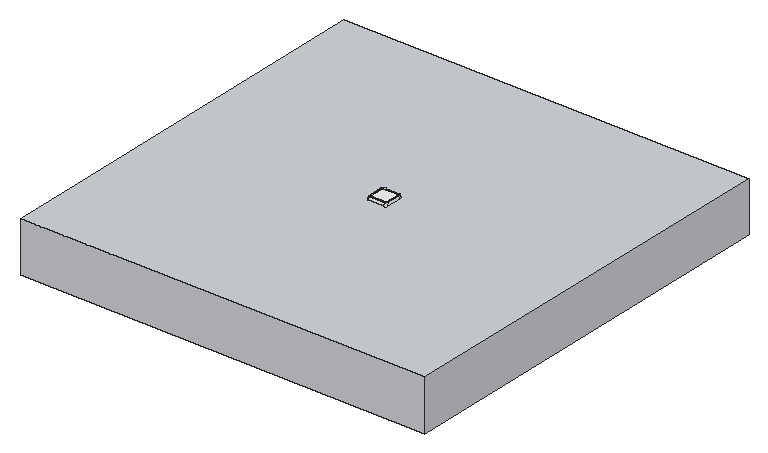
Revit family "Legrand_Gestion_eclairage_Interface_KNX", category Dispositifs d'éclairage, Revit 2020
Family settings
  Hôte = Face
  Conserver l'orientation des annotations = Non
  Cote de connecteur circulaire = Utiliser le diamètre
  Type d'élément = Normal
  Couper avec des vides une fois chargée = Non
  Partagée = Non
  Point de calcul de pièce = Non
Parameters (values of type "Radio/KNX")
  URL = "http://www.legrandoc.com/048877"
  Télécommandable = no
  Type de tension = ""
  Tension nominale (V) = 0
  Température (MIN) (°C) = 0
  Température (MAX) (°C) = 0
  Sensibilité réglable = no
  Sensibilité lumineuse réglable = no
  Sensibilité lumineuse (MIN) (lx) = 0
  Sensibilité lumineuse (MAX) (lx) = 0
  Réglage de lumière constante = no
  Portée max. latérale (m) = 0
  Portée max. frontale (m) = 0
  Numéro RAL = 0
  Modèle = "048877"
  Mode de montage = "apparent"
  Liaison neutre = no
  Hauteur de montage maximale (m) = 0
  Gestion alarme = no
  Gestion CVC = no
  Fréquence (MIN) (Hz) = 0
  Fréquence (MAX) (Hz) = 0
  Fonction variateur intégré = no
  Fabricant = "Legrand"
  Exécution - Modèle = ""
  Entrée secondaire = no
  Default Elevation = 1219.2 mm
  Durée d'enclenchement min. (s) = 0
  Durée d'enclenchement max. (mn) = 0
  Diamètre de détection sur le plancher (m) = 0
  Description = "Interface faux-plafond Radio/KNX"
  Courant de démarrage max. (A) = 0
  Coupure forcée = no
  Couleur = none
  Cosses d'artère secondaire = no
  Condition Générale d'Utilisation = "https://export.legrand.com/CGU-objets-BIM"
  Collecteur de terre = no
  Classe de protection (IP) = "IP20"
  Capacité de coupure max. (W) = 0
  Angle de détection horizontal (MIN) (°) = 0
  Angle de détection horizontal (MAX) (°) = 0
  Adapté pour transmission sans fil = no
Reference planes
  plane 1 "Centre (avant/arrière)": y = 0
  plane 2: z = 0
  plane 3 "Centre (gauche/droite)": x = 0
Forms (mm)
  Extrusion 1, solid
    sketch origin (0, 0, 0) x (1, 0, 0) y (0, 1, 0)
      loop
        line (-1219.2, 1219.2) -> (-1219.2, -1219.2) -> (1219.2, -1219.2) -> (1219.2, 1219.2) -> (-1219.2, 1219.2)
    from 0 to -304.8
Dimensions and locks
  aligned and locked: plane 2 to Extrusion 1
  aligned and locked: level to Extrusion 1
Nested families
  nested 1: "Modelisation 64" at (0, 0, -40), type "Modelisation 64"
Connectors
  electrical at (0, 0, 0)
    settings: index 1, voltage 230 V, apparent load 0 VA, apparent load phase1 0 VA, apparent load phase2 0 VA, apparent load phase3 0 VA, power factor 1, load classification "Eclairage", number of poles 1, system type 30, power factor state 1, is connector primary yes, connector utility no, sub classification motor no, connector description ""
Definition of nested family "Modelisation 64"
  Parameters (values of type "Modelisation 64")
    Profondeur totale = 82 mm
    Matériau couleur = none
    Longueur capot = 65 mm
    Largeur capot = 52 mm
    built-in parameter 1140140 [instance] = 1 (stored number, unit not read)
    Default Elevation = 0 mm
    Diamètre capot = 102 mm
    Ray Capot = Diamètre capot / 2  # 51 mm
    built-in parameter 1140142 [instance] = -1
    built-in parameter 1155100 [instance] = -1
  Reference planes
    plane 1 "Centre (avant/arrière)": y = 0
    plane 2: z = 0
    plane 3 "Centre (gauche/droite)": x = 0
  Forms (mm)
    Extrusion 1, solid, material <- "Matériau couleur"
      sketch origin (0, 0, 0) x (1, 0, 0) y (0, 1, 0)
        loop
          arc (-45.5, 53.5) -> (-51.157, 51.157) -> (-53.5, 45.5) r 8
          line (-53.5, 45.5) -> (-53.5, -45.5)
          arc (-53.5, -45.5) -> (-51.157, -51.157) -> (-45.5, -53.5) r 8
          line (-45.5, -53.5) -> (45.5, -53.5)
          arc (45.5, -53.5) -> (51.157, -51.157) -> (53.5, -45.5) r 8
          line (53.5, -45.5) -> (53.5, 45.5)
          arc (53.5, 45.5) -> (51.157, 51.157) -> (45.5, 53.5) r 8
          line (45.5, 53.5) -> (-45.5, 53.5)
      from 0 to 40
    Sweep 2, solid, material <- "Matériau couleur"
      path origin (0, 0, 0) x (1, 0, 0) y (0, 1, 0)
        loop
          arc (-45.5, 57.5) -> (-53.985, 53.985) -> (-57.5, 45.5) r 12
          line (-57.5, 45.5) -> (-57.5, -45.5)
          arc (-57.5, -45.5) -> (-53.985, -53.985) -> (-45.5, -57.5) r 12
          line (-45.5, -57.5) -> (45.5, -57.5)
          arc (45.5, -57.5) -> (53.985, -53.985) -> (57.5, -45.5) r 12
          line (57.5, -45.5) -> (57.5, 45.5)
          arc (57.5, 45.5) -> (53.985, 53.985) -> (45.5, 57.5) r 12
          line (45.5, 57.5) -> (-45.5, 57.5)
      profile origin (0, 57.5, 0) x (0, 1, 0) y (0, 0, 1)
        loop
          line (-8.714, 40) -> (0, 40) -> (-1.472, 55.988)
          arc (-1.472, 55.988) -> (-3.878, 56.926) -> (-6.352, 57.668) r 32.34
          arc (-6.352, 57.668) -> (-7.523, 57.902) -> (-8.714, 58) r 10.347
          line (-8.714, 58) -> (-8.714, 40)
    Extrusion 3, solid, material <- "Matériau couleur"
      sketch origin (0, 0, 0) x (1, 0, 0) y (0, 1, 0)
        loop
          arc (-48.786, -45.5) -> (-47.823, -47.823) -> (-45.5, -48.786) r 3.286
          line (-45.5, -48.786) -> (45.5, -48.786)
          arc (45.5, -48.786) -> (47.823, -47.823) -> (48.786, -45.5) r 3.286
          line (48.786, -45.5) -> (48.786, 45.5)
          arc (48.786, 45.5) -> (47.823, 47.823) -> (45.5, 48.786) r 3.286
          line (45.5, 48.786) -> (-45.5, 48.786)
          arc (-45.5, 48.786) -> (-47.823, 47.823) -> (-48.786, 45.5) r 3.286
          line (-48.786, 45.5) -> (-48.786, -45.5)
      from 42.586 to 58
    Extrusion 4, void
      sketch origin (0, 0, 0.187) x (0, 1, 0) y (0, 0, 1)
        loop
          circle (-25, 20) r 10
        loop
          circle (25, 20) r 10
      from -53.5 to -48.786
    Extrusion 5, void
      sketch origin (0, 0, 0.187) x (0, 1, 0) y (0, 0, 1)
        loop
          circle (-25, 20) r 10
        loop
          circle (25, 20) r 10
      from 48.786 to 53.5
    Extrusion 6, void
      sketch origin (0, 0, 0) x (1, 0, 0) y (0, 0, 1)
        loop
          circle (-18.5, 20) r 10
        loop
          circle (18.5, 20) r 10
      from 48.786 to 53.5
    Extrusion 7, void
      sketch origin (0, 0, 0) x (1, 0, 0) y (0, 0, 1)
        loop
          circle (-18.5, 20) r 10
        loop
          circle (18.5, 20) r 10
      from -53.5 to -48.786
  Cuts and joins
    Extrusion 4, Extrusion 5, Extrusion 6, Extrusion 7 cuts Extrusion 1
  Lines and regions (mm)
    model lines, not visible
      curve 1: line (86, 0, 0) -> (0, 0, 0)
      curve 2: line (0, 0, 0) -> (0, -52.187, 0)
      curve 3: arc (86, 0, 0) -> (84.972, -12.666, 0) -> (79.53, -24.148, 0) r 35.33
      curve 4: arc (79.53, -24.148, 0) -> (72.004, -39.03, 0) -> (69.387, -55.499, 0) r 53.916
      curve 5: line (56, -61, 0) -> (61, -60.563, 0)
      curve 6: line (61, -60.563, 0) -> (61, -59.687, 0)
      curve 7: arc (61, -59.687, 0) -> (65.726, -58.66, 0) -> (69.387, -55.499, 0) r 9.813
      curve 8: arc (0, -52.187, 0) -> (22.855, -55.983, 0) -> (46, -57.022, 0) r 193.641
      curve 9: arc (46, -57.022, 0) -> (51.397, -58.014, 0) -> (56, -61, 0) r 14.03
      curve 10: arc (0, -51, -35) -> (0, -46.894, -36.173) -> (0, -43.086, -38.106) r 22.313
      curve 11: line (0, -26, -43.1) -> (0, -21, -43.1)
      curve 12: arc (0, -43.086, -38.106) -> (0, -34.806, -42.622) -> (0, -26, -46) r 71.004
      curve 13: line (0, -26, -46) -> (0, -21, -46)
      curve 14: line (0, -21, -46) -> (0, -18.947, -48.932)
      curve 15: line (0, -18.947, -48.932) -> (0, -12.425, -52)
      curve 16: line (0, -12.425, -52) -> (0, 0, -52)
  Dimensions and locks
    aligned and locked: level to plane 2
